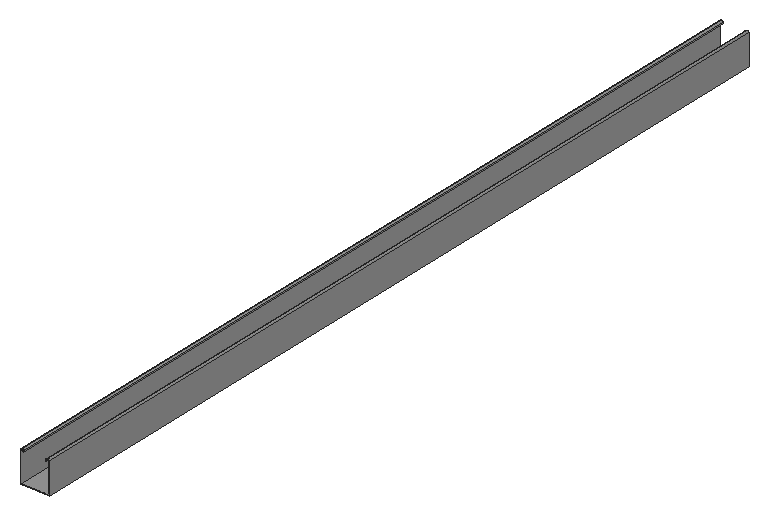
Revit family "Kabelrinne SKS", category Generic Models, Revit 2015
Parameters (values of type "SKS 110 FS")
  Width = 100 mm
  URL = "http://www.obo-bettermann.com"
  Material = Strip-galvanised
  Manufacturer Art.No. = "6061109"
  Manufacturer = "OBO Bettermann"
  Length = 3000 mm
  Height = 105 mm
  GTIN = "4012196062171"
  Article Type = "SKS 110 FS"
Types (13, lengths in mm): name | Width | Material | Manufacturer Art.No. | GTIN | Article Type
  (no name) | 100 | Strip-galvanised | "6061109" | "4012196062171" | "SKS 110 FS"
  SKS 110 FS | 100 | Strip-galvanised | "6061109" | "4012196062171" | "SKS 110 FS"
  SKS 120 FS | 200 | Strip-galvanised | "6061206" | "4012196062232" | "SKS 120 FS"
  SKS 130 FS | 300 | Strip-galvanised | "6061303" | "4012196062294" | "SKS 130 FS"
  SKS 140 FS | 400 | Strip-galvanised | "6061400" | "4012196062355" | "SKS 140 FS"
  SKS 150 FS | 500 | Strip-galvanised | "6061508" | "4012196062416" | "SKS 150 FS"
  SKS 155 FS | 550 | Strip-galvanised | "6061559" | "4012196062478" | "SKS 155 FS"
  SKS 110 FT | 100 | Hot-dip galvanised | "6061605" | "4012196062539" | "SKS 110 FT"
  SKS 120 FT | 200 | Hot-dip galvanised | "6061621" | "4012196062591" | "SKS 120 FT"
  SKS 130 FT | 300 | Hot-dip galvanised | "6061656" | "4012196062652" | "SKS 130 FT"
  SKS 140 FT | 400 | Hot-dip galvanised | "6061672" | "4012196062713" | "SKS 140 FT"
  SKS 150 FT | 500 | Hot-dip galvanised | "6061702" | "4012196062775" | "SKS 150 FT"
  SKS 155 FT | 550 | Hot-dip galvanised | "6061729" | "4012196062836" | "SKS 155 FT"
Reference planes
  plane 1 "Center (Front/Back)": y = 0
  plane 2: z = 0
  plane 3 "Center (Left/Right)": x = 0
  plane 4: z = 105
  plane 5: y = 3000
Forms (mm)
  Extrusion 1, solid, material "Strip-galvanised" <- "Material"
    sketch origin (0, 0, 0) x (1, 0, 0) y (0, 0, 1)
      loop
        line (-50, 105) -> (-50, 0) -> (50, 0) -> (50, 105)
        arc (50, 105) -> (44, 111) -> (38, 105) r 6
        line (38, 105) -> (38, 102) -> (39.5, 102) -> (39.5, 105)
        arc (39.5, 105) -> (44, 109.5) -> (48.5, 105) r 4.5
        line (48.5, 105) -> (48.5, 1.5) -> (-48.5, 1.5) -> (-48.5, 105)
        arc (-48.5, 105) -> (-44, 109.5) -> (-39.5, 105) r 4.5
        line (-39.5, 105) -> (-39.5, 102) -> (-38, 102) -> (-38, 105)
        arc (-38, 105) -> (-44, 111) -> (-50, 105) r 6
    from 0 to -3000
Dimensions and locks
  "Width": Extrusion 1 sketch curve to Extrusion 1 sketch curve
  equal spacing: Extrusion 1 sketch curve, plane 3 "Center (Left/Right)", Extrusion 1 sketch curve
  locked: Extrusion 1 sketch curve to Extrusion 1 sketch curve at 12  (x2)
  locked: Extrusion 1 sketch curve to Extrusion 1 sketch curve at 9
  "Height": plane 4 to level
  "Length": plane 5 to plane 1 "Center (Front/Back)"
  aligned and locked: level to plane 2
  aligned and locked: Extrusion 1 sketch curve to level
  aligned and locked: plane 4 to Extrusion 1 sketch curve  (x4)
  aligned and locked: Extrusion 1 sketch curve to Extrusion 1 sketch curve  (x2)
  aligned and locked: plane 1 "Center (Front/Back)" to Extrusion 1
  aligned and locked: plane 5 to Extrusion 1
Automatic sketch dimensions
  Extrusion 1 sketch curve to Extrusion 1 sketch curve = 0 mm  (x4)
  Extrusion 1 sketch curve to Extrusion 1 sketch curve = 1.5 mm  (x2)
  level to Extrusion 1 sketch curve = 1.5 mm
